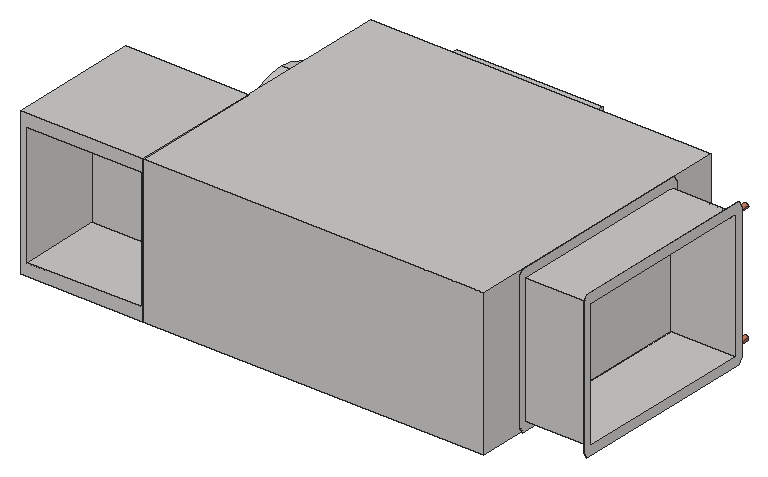
Revit family
Parameters
  Width = 3' - 3"
  Voltage = 120 V
  Unit Weight = if(Number of Rows = 1, "272.0 lbs", if(Number of Rows = 2, "277.0 lbs", "0"))  # "272.0 lbs"
  UltraLoc Liner = Choose Liner Option = 3  # no
  URL = "http://www.titus-hvac.com/"
  UL = "181"
  Supply Air Flow [instance] = 0 CFM
  SteriLoc Liner = Choose Liner Option = 2  # no
  Secondary Material = Copper Connectors
  Primary Air Pressure Drop [instance] = 0.00 in-wg
  Primary Air Flow [instance] = 0 CFM
  Pressure [instance] = 0.00 psi
  Plenum Air Pressure Drop [instance] = 0.00 in-wg
  Plenum Air Flow [instance] = 0 CFM
  Outlet Width = 2' - 1"
  Outlet Height = 1' - 5 1/2"
  Number of Rows = 1
  Number of Poles = 1
  Nominal Width = Width + 0' 6 1/4"  # 3' - 9 1/4"
  Nominal Length = Length + 1' 4 7/8" + 0' 9"  # 6' - 0 5/8"
  Nominal Inlet Size = 1' - 4"
  Nominal Height = 1' - 8"
  NFPA = "90A"
  Motor Full Load Amps [instance] = 8.5 A
  Model = "DTFS-F"
  Min. Air Flow = 0 CFM
  Max. Air Flow = 4000 CFM
  Material = Galvanized Steel
  Manufacturer = "Titus"
  Length = 3' - 10 3/4"
  Juction Box Offset = 0' - 6 7/8"
  Inlet Diameter = Nominal Inlet Size - 0' 0 1/8"  # 1' - 3 7/8"
  Induced Air Inlet Width = 1' - 4 7/8"
  Induced Air Inlet Offset = (Nominal Height - Induced Air Inlet Connection Height) / 2  # 0' - 1 11/16"
  Induced Air Inlet Height = 1' - 6 1/8"
  Induced Air Inlet Connection Width = 1' - 3 3/4"
  Induced Air Inlet Connection Height = 1' - 4 5/8"
  Induced Air Filter = no
  Heating Total Capacity [instance] = 0 Btu/h
  Heating Entering Water Temp = 0 °F
  Half Outlet Width = 1' - 0 1/2"
  Half Outlet Connection Width = Outlet Width / 2  # 1' - 0 1/2"
  Half Outlet Connection Height = Outlet Height / 2  # 0' - 8 3/4"
  Half Height Start = -(Nominal Height / 2)  # -0' - 10"
  Half Height End = Nominal Height / 2  # 0' - 10"
  HWC Option = HWC Section : D-E - 1 Row
  HWC Connector Radius = 5/16"
  HWC Connector Length = 0' - 3"
  HP-Motor = "1/3"
  Gallons Per Minute [instance] = 0 GPM
  Frequency = 60 Hz
  Flange Offset = 0' - 1 1/4"
  Filter Size = "18\"x17\""
  Fiber Free Liner = Choose Liner Option = 1  # no
  Fan Disconnect Switch = no
  Duct Radius = Nominal Inlet Size / 2  # 0' - 8"
  Description = "Ultra Quiet Series Fan Powered Terminal Unit, Direct Digital Control, Pressure Independent"
  Connector Vertical Offset = if(Number of Rows = 1, 1' 4 1/4", if(Number of Rows = 2, 1' 4 3/4", 0' 0"))  # 1' - 4 1/4"
  Connector Horizontal Offset = if(Number of Rows = 1, 0' 0", if(Number of Rows = 2, 0' 1", 0' 0"))  # 0' - 0"
  Connection Void Radius = Connection Radius - 0' 0 1/4"  # 0' - 7 11/16"
  Connection Radius = Inlet Diameter / 2  # 0' - 7 15/16"
  Choose Liner Option = 0
  CADworks URL = "www.CADworks.net"
  Assembly Code = "D3040100"
  Apparent Power [instance] = Voltage * Motor Full Load Amps  # 1020 VA
  Air Inlet Offset = 0' - 11"
  1/2" Fiberglass Liner = Choose Liner Option = 0  # yes
  1" Fiberglass Liner = Choose Liner Option = 4  # no
Reference planes (in)
  plane 1 "Center (Front/Back)": y = 0
  plane 2: z = 0
  plane 3 "Center (Left/Right)": x = 3
  plane 4: x = -20.375
  plane 5: x = 26.375
  plane 6: x = -13.5
  plane 7: x = -23.75
  plane 8 "Center (Elevation)": z = 0
  plane 9: y = -19.5
  plane 10: y = 19.5
  plane 11: y = 8.5
  plane 12: y = -8.25
  plane 13: z = 0.6875
  plane 14: z = -6.875
  plane 15: x = 35.375
  plane 16: x = 34.375
  plane 17: x = 34.375
  plane 18: y = 15.5
  plane 19: z = -8.125
  plane 20: z = 8.125
  plane 21: y = -12.5
  plane 22: y = 12.5
  plane 23: y = 25.75
  plane 24: x = -37.25
  plane 25: z = 10
  plane 26: z = -10
Forms (in)
  Extrusion 1, solid, material "Galvanized Steel" <- "Material"
    sketch origin (0, 0, 0) x (1, 0, 0) y (0, 1, 0)
      loop
        line (-20.375, 19.5) -> (-20.375, -19.5) -> (26.375, -19.5) -> (26.375, 19.5) -> (-20.375, 19.5)
    from -10 <- "Half Height Start" to 10 <- "Half Height End"
  Extrusion 2, solid, material "Galvanized Steel" <- "Material"
    sketch origin (0, 0, 0) x (1, 0, 0) y (0, 1, 0)
      loop
        line (-37.25, -1.375) -> (-37.25, -19.5) -> (-20.375, -19.5) -> (-20.375, -1.375) -> (-37.25, -1.375)
    from -10 <- "Half Height Start" to 10 <- "Half Height End"
  Extrusion 3, void, detail levels fine
    sketch origin (0, -19.5, 0) x (1, 0, 0) y (0, 0, -1)
      loop
        line (-20.625, 8.3125) -> (-36.375, 8.3125) -> (-36.375, -8.3125) -> (-20.625, -8.3125) -> (-20.625, 8.3125)
    from 0 to 11.25
  Extrusion 4, solid, material "Galvanized Steel" <- "Material"
    sketch origin (3.125, 0, 0) x (1, 0, 0) y (0, 1, 0)
      loop
        line (-16.625, 19.5) -> (3.375, 19.5) -> (3.375, 25.75) -> (-16.625, 25.75) -> (-16.625, 19.5)
    from -6 to 6
  Extrusion 5, solid, material "Galvanized Steel" <- "Material"
    sketch origin (-24.875, -3, 0) x (0, 0, -1) y (0, 1, 0)
      loop
        circle (0, 11.5) r 7.9375
    from 1.125 to 4.5
  Extrusion 6, void, detail levels fine
    sketch origin (-24.875, 0, 0) x (0, 1, 0) y (0, 0, 1)
      loop
        circle (8.5, 0) r 7.6875
    from 1.125 to 11.375
  Extrusion 7, void, detail levels fine
    sketch origin (35.375, -12.5, 8.75) x (0, 0, 1) y (0, -1, 0)
      loop
        line (-17.5, 0) -> (-17.5, -25) -> (0, -25) -> (0, 0) -> (-17.5, 0)
    from -0.0625 to 0
  Extrusion 8, solid, material "Copper Connectors" <- "Secondary Material", detail levels fine
    sketch origin (0, 0, 0) x (1, 0, 0) y (0, 0, 1)
      loop
        circle (34.375, 8.125) r 0.3125
    from -15.5 to -12.5625
  Extrusion 9, solid, material "Copper Connectors" <- "Secondary Material", detail levels fine
    sketch origin (0, 0, 0) x (1, 0, 0) y (0, 0, 1)
      loop
        circle (34.375, -8.125) r 0.3125
    from -15.5 to -12.5625
Cuts and joins
  Extrusion 3 cuts Extrusion 2
  Extrusion 6 cuts Extrusion 1
  Extrusion 6 cuts Extrusion 5
Dimensions and locks (in)
  "Length": plane 5 to plane 4
  equal spacing: plane 5, plane 3 "Center (Left/Right)", plane 4
  locked: Extrusion 4 to Extrusion 4 at 20
  "Juction Box Offset": plane 6 to plane 4
  locked: plane 4 to plane 7 at 3.375
  "Width": plane 9 to plane 10
  equal spacing: plane 9, plane 1 "Center (Front/Back)", plane 10
  locked: Extrusion 5 sketch curve to level at 0
  locked: Extrusion 5 sketch curve to plane 11 at 0
  locked: Extrusion 6 sketch curve to level at 0
  locked: Extrusion 6 sketch curve to plane 11 at 0
  locked: Extrusion 4 to Extrusion 4 at 6.25
  locked: Extrusion 4 to Extrusion 4 at 12
  equal spacing: Extrusion 4, plane 8 "Center (Elevation)", Extrusion 4
  locked: plane 12 to plane 9 at 11.25
  "Air Inlet Offset": plane 10 to plane 11
  "Induced Air Inlet Height": cut or joined group of Extrusion 2, Extrusion 3 to cut or joined group of Extrusion 2, Extrusion 3
  locked: cut or joined group of Extrusion 5, Extrusion 6 to cut or joined group of Extrusion 5, Extrusion 6 at 3.375
  locked: plane 12 to plane 12 at 0
  "Induced Air Inlet Connection Height": Extrusion 3 sketch curve to Extrusion 3 sketch curve
  "Induced Air Inlet Offset": Extrusion 3 sketch curve to cut or joined group of Extrusion 2, Extrusion 3
  "Induced Air Inlet Connection Width": Extrusion 3 sketch curve to Extrusion 3 sketch curve
  locked: Extrusion 3 sketch curve to cut or joined group of Extrusion 1, Extrusion 6 at 0.25
  "Connector Vertical Offset": plane 20 to plane 19
  equal spacing: plane 20, plane 8 "Center (Elevation)", plane 19
  locked: plane 15 to plane 5 at 9
  locked: plane 15 to plane 16 at 1
  "Connector Horizontal Offset": plane 16 to plane 17
  locked: Extrusion 8 sketch curve to plane 17 at 0
  locked: Extrusion 8 sketch curve to plane 20 at 0
  locked: Extrusion 9 sketch curve to plane 16 at 0
  locked: Extrusion 9 sketch curve to plane 19 at 0
  "HWC Connector Length": plane 18 to plane 22
  locked: cut or joined group of Extrusion 1, Extrusion 6 to Extrusion 7 at 9
  locked: cut or joined group of Extrusion 2, Extrusion 3 to cut or joined group of Extrusion 2, Extrusion 3 at 16.875
  locked: cut or joined group of Extrusion 2, Extrusion 3 to cut or joined group of Extrusion 2, Extrusion 3 at 20
  equal spacing: cut or joined group of Extrusion 2, Extrusion 3, plane 8 "Center (Elevation)", cut or joined group of Extrusion 2, Extrusion 3
  locked: cut or joined group of Extrusion 1, Extrusion 6 to cut or joined group of Extrusion 1, Extrusion 6 at 20
  equal spacing: cut or joined group of Extrusion 1, Extrusion 6, plane 8 "Center (Elevation)", cut or joined group of Extrusion 1, Extrusion 6
  locked: nested 1 to cut or joined group of Extrusion 1, Extrusion 6 at 1.1875
  locked: cut or joined group of Extrusion 1, Extrusion 6 to nested 1 at 1.1875
  "Connection Radius": radius of Extrusion 5 sketch curve
  "Connection Void Radius": radius of Extrusion 6 sketch curve
  "HWC Connector Radius": radius of Extrusion 8 sketch curve
  "HWC Connector Radius": radius of Extrusion 9 sketch curve
  aligned and locked: plane 10 to Extrusion 4
  aligned and locked: plane 6 to Extrusion 4
  aligned and locked: plane 7 to cut or joined group of Extrusion 5, Extrusion 6
  aligned and locked: plane 18 to Extrusion 8
  aligned and locked: plane 18 to Extrusion 9
  aligned and locked: plane 9 to cut or joined group of Extrusion 2, Extrusion 3  (x3)
  aligned and locked: plane 5 to nested 1
  aligned and locked: plane 15 to nested 1
  aligned and locked: plane 18 to nested 1  (x2)
  aligned and locked: plane 21 to nested 1
  aligned and locked: plane 22 to nested 1
  aligned and locked: plane 5 to cut or joined group of Extrusion 1, Extrusion 6
  aligned and locked: cut or joined group of Extrusion 1, Extrusion 6 to nested 1
  aligned and locked: cut or joined group of Extrusion 1, Extrusion 6 to plane 10
  aligned and locked: Extrusion 4 to cut or joined group of Extrusion 1, Extrusion 6  (x2)
  aligned and locked: cut or joined group of Extrusion 1, Extrusion 6 to plane 4
  aligned and locked: plane 9 to cut or joined group of Extrusion 1, Extrusion 6
  aligned and locked: cut or joined group of Extrusion 5, Extrusion 6 to cut or joined group of Extrusion 1, Extrusion 6
  aligned and locked: nested 1 to cut or joined group of Extrusion 1, Extrusion 6
  aligned and locked: plane 6 to Extrusion 6
  aligned and locked: Extrusion 6 to plane 7
  aligned and locked: Extrusion 3 to plane 12
  aligned and locked: plane 25 to cut or joined group of Extrusion 2, Extrusion 3
  aligned and locked: plane 26 to cut or joined group of Extrusion 1, Extrusion 6
  aligned and locked: plane 25 to cut or joined group of Extrusion 1, Extrusion 6
  aligned and locked: plane 23 to Extrusion 4
  aligned and locked: plane 24 to cut or joined group of Extrusion 2, Extrusion 3
Automatic sketch dimensions
  Extrusion 1 sketch curve to plane 4 = 0' - 0"
  Extrusion 1 sketch curve to plane 5 = 0' - 0"
  Extrusion 1 sketch curve to plane 9 = 0' - 0"
  Extrusion 1 sketch curve to plane 10 = 0' - 0"
  Extrusion 2 sketch curve to plane 4 = 0' - 0"
  Extrusion 2 sketch curve to plane 9 = 0' - 0"
  plane 1 "Center (Front/Back)" to Extrusion 2 sketch curve = 0' - 1 3/8"
  Extrusion 4 sketch curve to plane 6 = 0' - 0"
  Extrusion 4 sketch curve to plane 10 = 0' - 0"
  plane 3 "Center (Left/Right)" to Extrusion 4 sketch curve = 0' - 3 1/2"
  Extrusion 4 sketch curve to plane 10 = 0' - 6 1/4"
  Extrusion 2 sketch curve to plane 7 = 1' - 1 1/2"
  Extrusion 7 sketch curve to nested 1 = 0' - 0"  (x4)
Nested families (in)
  nested 1: "HWC Section" at (30.875, 0, 0) x (0, 1, 0) z (0, 0, 1), type <- "HWC Option", type "D-E - 1 Row"
Connectors (in)
  electrical at (-3.5, 25.75, 0), driven by "Apparent Power", driven by "Voltage", driven by "Number of Poles"
    settings: on Extrusion 4, index 8
  hvac at (-23.75, 8.5, 0), driven by "Duct Radius", driven by "Primary Air Pressure Drop", driven by "Primary Air Flow"
    settings: on cut or joined group of Extrusion 5, Extrusion 6, index 9
  hvac at (-28.5, -19.5, 0), driven by "Induced Air Inlet Connection Height", driven by "Induced Air Inlet Connection Width", driven by "Plenum Air Pressure Drop", driven by "Plenum Air Flow"
    settings: on cut or joined group of Extrusion 2, Extrusion 3, index 11
  hvac at (35.375, 0, 0), driven by "Outlet Height", driven by "Outlet Width", driven by "Supply Air Flow"
    settings: on Extrusion 7, index 12
  piping at (34.375, 15.5, 8.125), driven by "Gallons Per Minute", driven by "Pressure", driven by "HWC Connector Radius"
    settings: on Extrusion 8, index 13
  piping at (34.375, 15.5, -8.125), driven by "Gallons Per Minute", driven by "HWC Connector Radius", driven by "Pressure"
    settings: on Extrusion 9, index 14
Definition of nested family "HWC Section"
  Parameters (values of type "B-C - 1 Row")
    Visibility = yes
    Secondary Material = Copper Connectors
    Number of Rows = 1
    Material = Galvanized Steel
    Half Width = HWC Width / 2  # 0' - 10 1/4"
    Half Length-Start = -(HWC Length / 2)  # -0' - 4 1/2"
    Half Length-End = HWC Length / 2  # 0' - 4 1/2"
    HWC Connection Radius = 5/16"
    Flange Offset = 0' - 1"
    Duct Vertical Offset = HWC Height - 0' 0 1/2"  # 1' - 0"
    Duct Horizontal Offset = HWC Width - 0' 0 1/2"  # 1' - 8"
    Connector Vertical Offset = 0' - 11 3/4"
    HWC Width = 1' - 8 1/2"
    HWC Height = 1' - 0 1/2"
    HWC Length = 0' - 9"  # constant formula
    Gallons Per Minute = 0 GPM
    Connector Length = 0' - 3"
    Connector Horizontal Offset = 0' - 0"
  Types (5): name | Number of Rows | Half Width | Flange Offset | Duct Vertical Offset | Duct Horizontal Offset | Connector Vertical Offset | HWC Width | HWC Height | Connector Horizontal Offset
    (no name) | 1 | 0' - 10 1/4" | 0' - 1" | 1' - 0" | 1' - 8" | 0' - 11 3/4" | 1' - 8 1/2" | 1' - 0 1/2" | 0' - 0"
    B-C - 1 Row | 1 | 0' - 10 1/4" | 0' - 1" | 1' - 0" | 1' - 8" | 0' - 11 3/4" | 1' - 8 1/2" | 1' - 0 1/2" | 0' - 0"
    B-C - 2 Row | 2 | 0' - 10 1/4" | 0' - 1" | 1' - 0" | 1' - 8" | 0' - 11 3/4" | 1' - 8 1/2" | 1' - 0 1/2" | 0' - 1"
    D-E - 1 Row | 1 | 1' - 0 1/2" | 0' - 1 1/4" | 1' - 5" | 2' - 0 1/2" | 1' - 4 1/4" | 2' - 1" | 1' - 5 1/2" | 0' - 0"
    D-E - 2 Row | 2 | 1' - 0 1/2" | 0' - 1 1/4" | 1' - 5" | 2' - 0 1/2" | 1' - 4 3/4" | 2' - 1" | 1' - 5 1/2" | 0' - 1"
  Reference planes (in)
    plane 1 "Center (Front/Back)": y = 0
    plane 2: z = 0
    plane 3 "Center (Left/Right)": x = 0
    plane 4: x = -10.25
    plane 5: x = 10.25
    plane 6: y = 4.5
    plane 7: y = -4.5
    plane 8: z = 6.25
    plane 9: z = -6.25
    plane 10: z = 5.875
    plane 11: z = -5.875
    plane 12: y = 3.5
    plane 13: y = 3.5
    plane 14: x = 13.25
  Forms (in)
    Extrusion 1, solid, material "Galvanized Steel" <- "Material", visible <- "Visibility"
      sketch origin (0, 0, 0) x (1, 0, 0) y (0, 0, 1)
        loop
          line (-10.3125, 6.3125) -> (-10.3125, -6.3125) -> (10.3125, -6.3125) -> (10.3125, 6.3125) -> (-10.3125, 6.3125)
      from -4.375 <- "Half Length-Start" to 4.5 <- "Half Length-End"
    Extrusion 2, void, detail levels fine
      sketch origin (0, 0, 0) x (1, 0, 0) y (0, 0, 1)
        loop
          line (-10.25, -6.25) -> (10.25, -6.25) -> (10.25, 6.25) -> (-10.25, 6.25) -> (-10.25, -6.25)
      from -4.5 <- "Half Length-Start" to 4.5 <- "Half Length-End"
    Extrusion 3, solid, material "Copper Connectors" <- "Secondary Material", visible <- "Visibility"
      sketch origin (6, 2.625, 0) x (0, 1, 0) y (0, 0, 1)
        loop
          circle (0.875, -5.875) r 0.3125
      from 4.3125 to 7.25
    Extrusion 4, solid, material "Galvanized Steel" <- "Material", visible <- "Visibility"
      sketch origin (0, -4.375, 0) x (1, 0, 0) y (0, 0, 1)
        loop
          line (-10.25, 6.25) -> (-10.25, -6.25) -> (10.25, -6.25) -> (10.25, 6.25) -> (-10.25, 6.25)
        loop
          line (-11.25, 6.75) -> (-11.25, -6.75) -> (-10.75, -7.25) -> (10.75, -7.25) -> (11.25, -6.75) -> (11.25, 6.75) -> (10.75, 7.25) -> (-10.75, 7.25) -> (-11.25, 6.75)
      from 0 to 0.125
    Extrusion 5, solid, material "Copper Connectors" <- "Secondary Material", visible <- "Visibility"
      sketch origin (6, -0.5, 0) x (0, 1, 0) y (0, 0, 1)
        loop
          circle (4, 5.875) r 0.3125
      from 4.3125 to 7.25
    Extrusion 6, solid, material "Galvanized Steel" <- "Material", visible <- "Visibility"
      sketch origin (0, 4.375, 0) x (1, 0, 0) y (0, 0, -1)
        loop
          line (-10.25, -6.25) -> (10.25, -6.25) -> (10.25, 6.25) -> (-10.25, 6.25) -> (-10.25, -6.25)
        loop
          line (-11.25, -6.75) -> (-10.75, -7.25) -> (10.75, -7.25) -> (11.25, -6.75) -> (11.25, 6.75) -> (10.75, 7.25) -> (-10.75, 7.25) -> (-11.25, 6.75) -> (-11.25, -6.75)
      from 0 to 0.125
  Cuts and joins
    Extrusion 2 cuts Extrusion 1
    joined: Extrusion 1, Extrusion 4, Extrusion 6
  Dimensions and locks (in)
    "HWC Width": plane 4 to plane 5
    equal spacing: plane 4, plane 3 "Center (Left/Right)", plane 5
    "HWC Height": plane 8 to plane 9
    equal spacing: plane 8, plane 2, plane 9
    equal spacing: plane 10, plane 2, plane 11
    locked: plane 12 to plane 6 at 1
    "Connector Horizontal Offset": plane 13 to plane 12
    locked: plane 7 to Extrusion 4 at 0.125
    locked: Extrusion 6 to plane 6 at 0.125
    locked: plane 4 to Extrusion 1 sketch curve at 0.0625
    locked: Extrusion 4 to Extrusion 1 sketch curve at 0.0625
    locked: Extrusion 1 sketch curve to plane 8 at 0.0625
    locked: plane 9 to Extrusion 1 sketch curve at 0.0625
    "Connector Length": plane 5 to plane 14
    "HWC Length": plane 6 to plane 7
    equal spacing: plane 6, plane 1 "Center (Front/Back)", plane 7
    "Connector Vertical Offset": plane 10 to plane 11
    equal spacing: plane 10, level, plane 11
    "HWC Width": Extrusion 4 sketch curve to Extrusion 4 sketch curve
    equal spacing: Extrusion 4 sketch curve, plane 3 "Center (Left/Right)", Extrusion 4 sketch curve
    "HWC Height": Extrusion 4 sketch curve to Extrusion 4 sketch curve
    equal spacing: Extrusion 4 sketch curve, plane 2, Extrusion 4 sketch curve
    locked: cut or joined group of Extrusion 1, Extrusion 2, Extrusion 4, Extrusion 6 to plane 4 at 1  (x2)
    locked: cut or joined group of Extrusion 1, Extrusion 2, Extrusion 4, Extrusion 6 to plane 5 at 1  (x2)
    "HWC Width": Extrusion 6 sketch curve to Extrusion 6 sketch curve
    "HWC Height": Extrusion 6 sketch curve to Extrusion 6 sketch curve
    equal spacing: Extrusion 6 sketch curve, plane 3 "Center (Left/Right)", Extrusion 6 sketch curve
    equal spacing: Extrusion 6 sketch curve, plane 2, Extrusion 6 sketch curve
    "HWC Height": Extrusion 2 sketch curve to Extrusion 2 sketch curve
    "HWC Width": Extrusion 2 sketch curve to Extrusion 2 sketch curve
    equal spacing: Extrusion 2 sketch curve, plane 3 "Center (Left/Right)", Extrusion 2 sketch curve
    equal spacing: Extrusion 2 sketch curve, plane 2, Extrusion 2 sketch curve
    locked: plane 5 to Extrusion 3 at 0.0625
    locked: plane 5 to Extrusion 5 at 0.0625
    "Flange Offset": cut or joined group of Extrusion 1, Extrusion 2, Extrusion 4, Extrusion 6 to plane 8
    "Flange Offset": plane 9 to cut or joined group of Extrusion 1, Extrusion 2, Extrusion 4, Extrusion 6
    "Flange Offset": plane 8 to cut or joined group of Extrusion 1, Extrusion 2, Extrusion 4, Extrusion 6
    "Flange Offset": cut or joined group of Extrusion 1, Extrusion 2, Extrusion 4, Extrusion 6 to plane 9
    "HWC Connection Radius": radius of Extrusion 3 sketch curve
    "HWC Connection Radius": radius of Extrusion 5 sketch curve
    aligned and locked: plane 7 to Extrusion 4
    aligned and locked: plane 6 to Extrusion 6
    aligned and locked: plane 14 to Extrusion 5
    aligned and locked: plane 14 to Extrusion 3
    aligned and locked: Extrusion 6 to cut or joined group of Extrusion 1, Extrusion 2, Extrusion 4, Extrusion 6
    aligned and locked: Extrusion 4 to Extrusion 4
  Automatic sketch dimensions
    Extrusion 3 sketch curve to plane 11 = 0' - 0"
    Extrusion 3 sketch curve to plane 12 = 0' - 0"
    Extrusion 5 sketch curve to plane 10 = 0' - 0"
    Extrusion 5 sketch curve to plane 13 = 0' - 0"
    plane 4 to Extrusion 6 sketch curve = 0' - 1"
    plane 4 to Extrusion 6 sketch curve = 0' - 0 1/2"  (x2)
    Extrusion 6 sketch curve to plane 5 = 0' - 0 1/2"  (x2)
    Extrusion 6 sketch curve to Extrusion 6 sketch curve = 0' - 0 1/2"  (x3)
    plane 8 to Extrusion 6 sketch curve = 0' - 0 1/2"  (x2)
    Extrusion 6 sketch curve to plane 9 = 0' - 0 1/2"  (x2)
    plane 4 to Extrusion 4 sketch curve = 0' - 0 1/2"  (x2)
    Extrusion 4 sketch curve to Extrusion 4 sketch curve = 0' - 0 1/2"  (x4)
    Extrusion 4 sketch curve to plane 5 = 0' - 0 1/2"  (x2)
    Extrusion 4 sketch curve to plane 9 = 0' - 0 1/2"  (x2)
    plane 8 to Extrusion 4 sketch curve = 0' - 0 1/2"  (x2)
